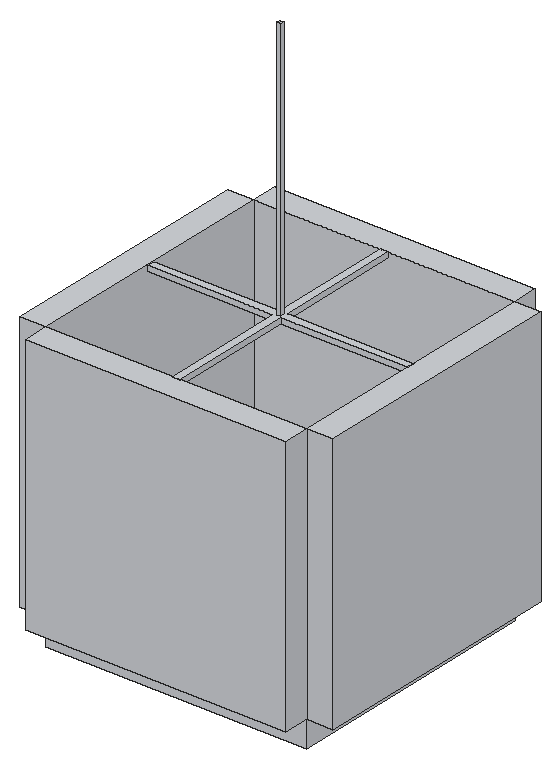
Revit family "lamp", category Generic Models, Revit 2019
Family settings
  Can host rebar = No
  Round Connector Dimension = Use Diameter
  Part Type = Normal
  Work Plane-Based = No
  Always vertical = Yes
  Cut with Voids When Loaded = No
  Shared = No
  Room Calculation Point = No
Reference planes
  plane 1 "Center (Front/Back)": y = 0
  plane 2: z = 0
  plane 3 "Center (Left/Right)": x = 0
  plane 4: z = 10
  plane 5: z = 108
  plane 6: y = 49.25
  plane 7: y = 50.75
Forms (mm)
  Extrusion 1, solid
    sketch origin (120, 0, 10) x (0, 0, 1) y (0, 1, 0)
      loop
        line (0, 0) -> (100, 0) -> (100, 100) -> (0, 100) -> (0, 0)
    from 10 to 20
  Extrusion 2, solid
    sketch origin (100, 110, 10) x (0, 0, 1) y (-1, 0, 0)
      loop
        line (0, 0) -> (100, 0) -> (100, 100) -> (0, 100) -> (0, 0)
    from 0 to 10
  Extrusion 3, solid
    sketch origin (100, 0, 10) x (0, 0, 1) y (-1, 0, 0)
      loop
        line (0, 0) -> (100, 0) -> (100, 100) -> (0, 100) -> (0, 0)
    from 0 to 10
  Extrusion 4, solid
    sketch origin (0, 0, 10) x (0, 0, 1) y (0, 1, 0)
      loop
        line (0, 0) -> (100, 0) -> (100, 100) -> (0, 100) -> (0, 0)
    from 0 to 10
  Extrusion 5, solid, not visible
    sketch origin (0, 0, -10) x (1, 0, 0) y (0, 1, 0)
      loop
        line (0, 0) -> (100, 0) -> (100, 100) -> (0, 100) -> (0, 0)
    from 10 to 20
  Extrusion 6, solid, not visible
    sketch origin (0, 110, 10) x (1, 0, 0) y (0, 0, 1)
      loop
        line (0, 0) -> (100, 0) -> (100, 100) -> (0, 100) -> (0, 0)
    from 0 to 10
  Extrusion 7, solid, not visible
    sketch origin (0, 0, 10) x (1, 0, 0) y (0, 0, 1)
      loop
        line (0, 0) -> (100, 0) -> (100, 100) -> (0, 100) -> (0, 0)
    from 0 to 10
  Extrusion 8, solid, not visible
    sketch origin (0, 0, 110) x (1, 0, 0) y (0, 1, 0)
      loop
        line (0, 0) -> (100, 0) -> (100, 100) -> (0, 100) -> (0, 0)
    from 0 to 10
  Extrusion 9, solid
    sketch origin (100, 0, 0) x (0, 1, 0) y (-1, 0, 0)
      loop
        line (0, 0) -> (100, 0) -> (100, 100) -> (0, 100) -> (0, 0)
    from 0 to 10
  Extrusion 10, solid, not visible
    sketch origin (-10, 0, 10) x (0, 0, 1) y (0, 1, 0)
      loop
        line (0, 0) -> (100, 0) -> (100, 100) -> (0, 100) -> (0, 0)
    from 0 to 10
  Extrusion 11, solid
    sketch origin (0, 0, 0) x (1, 0, 0) y (0, 1, 0)
      loop
        line (51.5, 100) -> (48.5, 100) -> (48.5, 0) -> (51.5, 0) -> (51.5, 100)
    from 108 to 110
  Extrusion 12, solid
    sketch origin (0, 100, 0) x (0, -1, 0) y (1, 0, 0)
      loop
        line (51.5, 100) -> (48.5, 100) -> (48.5, 0) -> (51.5, 0) -> (51.5, 100)
    from 108 to 110
  Extrusion 13, solid
    sketch origin (0.5, 0, 0) x (1, 0, 0) y (0, 0, 1)
      loop
        line (48.75, 110) -> (50.25, 110) -> (50.25, 210.662) -> (48.75, 210.662) -> (48.75, 110)
    from -50.75 to -49.25
Cuts and joins
  joined: Extrusion 11, Extrusion 12
Lines and regions (mm)
  model lines
    curve 1: line (0, 0, 10) -> (0, 0, 110)
Dimensions and locks
  locked: Extrusion 1 to Extrusion 1 at 10
  cut or joined group of Extrusion 11, Extrusion 12 to Extrusion 13 = 102.662 mm
  aligned and locked: level to plane 2
  aligned and locked: Extrusion 4 to Extrusion 2
  aligned and locked: Extrusion 1 to Extrusion 2
  aligned and locked: Extrusion 3 to Extrusion 1
  aligned and locked: Extrusion 8 to Extrusion 6
  aligned and locked: Extrusion 5 to Extrusion 6
  aligned and locked: Extrusion 7 to Extrusion 5
